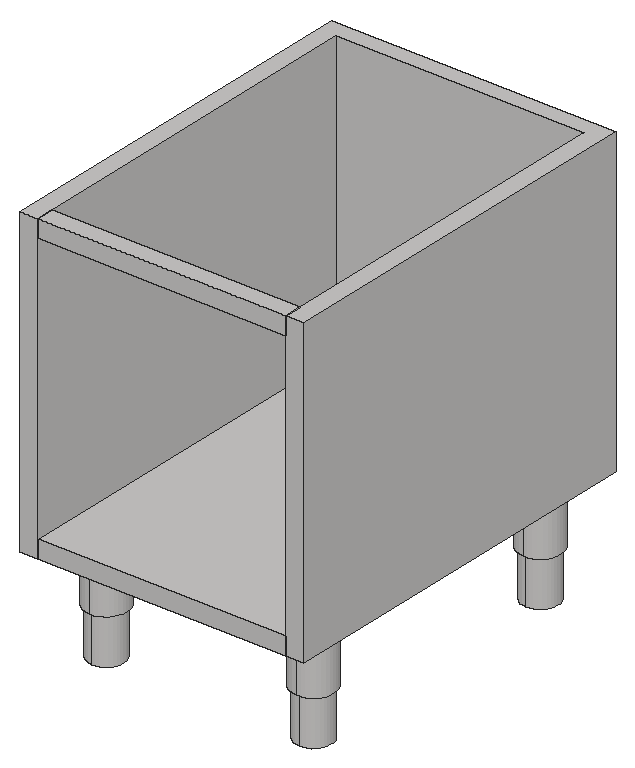
Revit family "QF_GIORIK_SUL0140", category Specialty Equipment, Revit 2014
Parameters (values of type "SUL0140")
  Weight in Pounds = 30.8647
  URL Cutsheet = "www.giorik.com"
  URL = "www.giorik.com"
  Status [instance] = ""
  Specification by User [instance] = ""
  Specification by Manufacturer = ""
  Show Logo [instance] = yes
  Show Clearance [instance] = yes
  Serial Number = ""
  Seismic Rating = ""
  SMACNA No = ""
  Revision Code [instance] = ""
  NAFEM Spec ID Number = ""
  Model = "SUL0140"
  Masterspec = ""
  Manufacturer = "GIORIK"
  Item Number [instance] = ""
  Installed By [instance] = ""
  Identify Quantity as Lot [instance] = no
  Furnished By [instance] = ""
  Foodservice Equipment Identifier [instance] = yes
  Description = "STAND OPEN WITH SHELF L=400"
  CSI MasterFormat = ""
  Assembly Code = "E1090320"
Reference planes
  plane 1 "Back": y = 0
  plane 2: z = 0
  plane 3 "Left": x = 0
  plane 4 "Right": x = 400
  plane 5 "Front": y = -600
  plane 6 "Top": z = 580
Forms (mm)
  Extrusion 1, solid
    sketch origin (-16, 1016.81, 0) x (1, 0, 0) y (0, 1, 0)
      loop
        line (25, -1086.81) -> (25, -1156.81) -> (115, -1156.81) -> (115, -1086.81) -> (25, -1086.81)
    from 148 to 150
  Extrusion 2, solid
    sketch origin (416, 1016.81, 0) x (-1, 0, 0) y (0, -1, 0)
      loop
        line (25, 1086.81) -> (115, 1086.81) -> (115, 1156.81) -> (25, 1156.81) -> (25, 1086.81)
    from 148 to 150
  Extrusion 3, solid
    sketch origin (0, -40, 599.536) x (1, 0, 0) y (0, 1, 0)
      loop
        line (0, -550) -> (25, -550) -> (25, -25) -> (375, -25) -> (375, -550) -> (400, -550) -> (400, 0) -> (0, 0) -> (0, -550)
    from -449.536 to -19.536
  Extrusion 4, solid
    sketch origin (0, -40, 0) x (1, 0, 0) y (0, 1, 0)
      loop
        line (25, -25) -> (25, -550) -> (375, -550) -> (375, -25) -> (25, -25)
    from 150 to 175
  Extrusion 5, solid
    sketch origin (-16, 616.81, 0) x (1, 0, 0) y (0, 1, 0)
      loop
        line (25, -1086.81) -> (25, -1156.81) -> (115, -1156.81) -> (115, -1086.81) -> (25, -1086.81)
    from 148 to 150
  Revolve 6, solid
    sketch origin (54, 616.81, 0) x (0, 1, 0) y (0, 0, 1)
      loop
        line (-1092.56, 66) -> (-1092.56, 148) -> (-1121.81, 148) -> (-1121.81, 0) -> (-1096.81, 0) -> (-1096.81, 66) -> (-1092.56, 66)
      axis (-1121.81, 0) -> (-1121.81, 148)
    angle from 0 to 360
  Extrusion 7, solid
    sketch origin (416, 616.81, 0) x (-1, 0, 0) y (0, -1, 0)
      loop
        line (25, 1086.81) -> (115, 1086.81) -> (115, 1156.81) -> (25, 1156.81) -> (25, 1086.81)
    from 148 to 150
  Revolve 8, solid
    sketch origin (346, 616.81, 0) x (0, 1, 0) y (0, 0, 1)
      loop
        line (-1092.56, 66) -> (-1092.56, 148) -> (-1121.81, 148) -> (-1121.81, 0) -> (-1096.81, 0) -> (-1096.81, 66) -> (-1092.56, 66)
      axis (-1121.81, 0) -> (-1121.81, 148)
    angle from 0 to 360
  Revolve 9, solid
    sketch origin (346, 1016.81, 0) x (0, 1, 0) y (0, 0, 1)
      loop
        line (-1092.56, 66) -> (-1092.56, 148) -> (-1121.81, 148) -> (-1121.81, 0) -> (-1096.81, 0) -> (-1096.81, 66) -> (-1092.56, 66)
      axis (-1121.81, 0) -> (-1121.81, 148)
    angle from 0 to 360
  Revolve 10, solid
    sketch origin (54, 1016.81, 0) x (0, 1, 0) y (0, 0, 1)
      loop
        line (-1092.56, 66) -> (-1092.56, 148) -> (-1121.81, 148) -> (-1121.81, 0) -> (-1096.81, 0) -> (-1096.81, 66) -> (-1092.56, 66)
      axis (-1121.81, 0) -> (-1121.81, 148)
    angle from 0 to 360
  Extrusion 11, solid
    sketch origin (0, 110, 580) x (0, 1, 0) y (-1, 0, 0)
      loop
        line (-700, -25) -> (-700, -375) -> (-675, -375) -> (-675, -25) -> (-700, -25)
    from -25 to 0
Lines and regions (mm)
  symbolic lines, style "200-EquipHidden-2D", visible <- "Show Clearance", detail levels coarse
    curve 1: line (0, -40, 580) -> (400, -40, 580)
    curve 2: line (0, -590, 580) -> (0, -40, 580)
    curve 3: line (400, -590, 580) -> (0, -590, 580)
    curve 4: line (400, -40, 580) -> (400, -590, 580)
Dimensions and locks
  plane 3 "Left" to plane 4 "Right" = 400 mm
  plane 5 "Front" to plane 1 "Back" = 600 mm
  plane 4 "Right" to plane 3 "Left" = 400 mm
  plane 1 "Back" to plane 5 "Front" = 600 mm
  plane 6 "Top" to level = 580 mm  (x2)
  aligned and locked: level to plane 2
